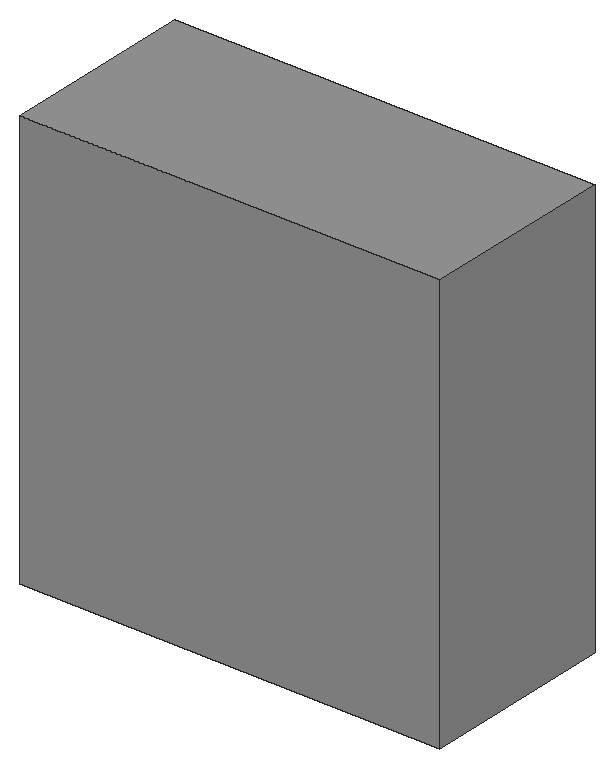
Revit family "EI_Praesenzmelder_MSR_V1700", category Elektroinstallationen, Revit 2017
Family settings
  Beschriftungsausrichtung beibehalten = Nein
  Bemaßung runder Anschluss = Durchmesser verwenden
  Teiletyp = Normal
  OmniClass-Nummer = 23.80.00.00
  OmniClass-Titel = Electric Power and Lighting
  Arbeitsebenenbasiert = Nein
  Immer vertikal = Ja
  Beim Laden mit Abzugskörper schneiden = Ja
  Gemeinsam genutzt = Nein
  Raumberechnungspunkt = Nein
Parameters (values of type "Praesenzmelder_MSR")
  pbr_Material_KZ = ""
  pbr_Material = none
  pbr_E_Typ = ""
  pbr_E_KZ = ""
  pbr_DINBild = 0
  pbr_Bild = 0
  pbr_3Dx_Delta_Korrekturversatz [instance] = 0 mm
  pbr_3DX_Versatzfaktor [instance] = 0
  pbr_2DY_Versatzfaktor [instance] = 0
  pbr_2DX_Versatzfaktor [instance] = 0
  cpiFitMatchKey [instance] = "E-BM-BMPA"
  Zentrale [instance] = ""
  Wirkleistung [instance] = 0 W
  Typ [instance] = ""
  Tiefe = 37 mm
  Text3 [instance] = ""
  Text2 [instance] = ""
  Text1 [instance] = ""
  Spannung [instance] = 0
  Scheinleistung [instance] = 0 VA
  Schaltgruppe2 [instance] = 0
  Schaltgruppe1 [instance] = 0
  Präsenzmelder = yes
  Polig [instance] = 1
  Planungsbüro Rohling = "www.pbr.de"
  Nennstrom [instance] = 0
  Menge(Dosenzahl) [instance] = 0
  Länge = Breite  # 80 mm
  Linie/Anschluss [instance] = ""
  Leistungsfaktor [instance] = 0
  Lastklassifizierung = none
  Installationsart [instance] = ""
  Info [instance] = ""
  Gleichzeitigkeitsfaktor3 [instance] = 0
  Gleichzeitigkeitsfaktor2 [instance] = 0
  Gleichzeitigkeitsfaktor1 [instance] = 0
  Gewerk [instance] = "MSR"
  Eckversatz [instance] = 0 mm
  YFrontversatz [instance] = if(pbr_2DY_Versatzfaktor = 300, 0 mm, pbr_2DY_Versatzfaktor * 300 mm)  # 0 mm
  XSeitenversatz [instance] = if(pbr_2DX_Versatzfaktor = 0, 3000 mm, 3000 mm + (pbr_2DX_Versatzfaktor * 300 mm)) + Eckversatz  # 3000 mm
  X3Dversatz [instance] = if([3DX_Versatzkontrolle] = 0, 2000 mm, 2000 mm + ([3DX_Versatzkontrolle] * (300 mm - Breite))) + pbr_3Dx_Delta_Korrekturversatz  # 2000 mm
  Niveau [instance] = 1200 mm
  Breite = 80 mm
  Anlaufstrom [instance] = 0
  3DX_Versatzkontrolle [instance] = if(pbr_3DX_Versatzfaktor = 0, (pbr_2DX_Versatzfaktor * -1), (((-1 * pbr_3DX_Versatzfaktor) + pbr_2DX_Versatzfaktor) * -1))  # 0
Reference planes
  plane 1 "Mitte (Vorne/Hinten)": y = 0
  plane 2: z = 0
  plane 3 "Mitte (Links/Rechts)": x = 22.5
  plane 4: x = -127.5
  plane 5: x = 172.5
  plane 6: y = 300
  plane 7 "Schalterhinten": y = 0
  plane 8: x = -2977.5
  plane 9: x = 22.5
  plane 10: x = -1977.5
  plane 11: x = -17.5
  plane 12: x = 62.5
  plane 13: z = 1240
  plane 14: z = 1160
  plane 15 "SchalterVorne": y = 37
  plane 16 "3DMitte": x = 22.5
  plane 17 "Achse": z = 1200
  plane 18: z = 1197.5
  plane 19: z = 1202.5
  plane 20 "2DMitte": y = 150
Forms (mm)
  Extrusion 1, solid, material "Stahl, weich, geschweißt"
    sketch origin (0, 20, 0) x (0, 0, 1) y (-1, 0, 0)
      loop
        line (1160, 17.5) -> (1160, -62.5) -> (1240, -62.5) -> (1240, 17.5) -> (1160, 17.5)
    from -17 to 20
Dimensions and locks
  locked: plane 6 to plane 7 "Schalterhinten" at 300
  "XSeitenversatz": plane 8 to plane 9
  plane 8 to plane 3 "Mitte (Links/Rechts)" = 3000 mm
  "YFrontversatz": plane 1 "Mitte (Vorne/Hinten)" to plane 7 "Schalterhinten"
  "Breite": plane 12 to plane 11
  "Länge": plane 13 to plane 14
  plane 9 to plane 10 = 2000 mm
  equal spacing: plane 12, plane 16 "3DMitte", plane 11
  "X3Dversatz": plane 16 "3DMitte" to plane 10
  equal spacing: plane 13, plane 17 "Achse", plane 14
  "Niveau": plane 17 "Achse" to level
  "Tiefe": plane 15 "SchalterVorne" to plane 1 "Mitte (Vorne/Hinten)"
  plane 13 to plane 18 = 42.5 mm
  plane 19 to plane 14 = 42.5 mm
  equal spacing: plane 4, plane 9, plane 5, locked at 150 each
  locked: plane 4 to plane 5 at 300
  equal spacing: plane 6, plane 20 "2DMitte", plane 7 "Schalterhinten", locked at 150 each
  aligned and locked: level to plane 2
  aligned and locked: Extrusion 1 sketch curve to plane 14
  aligned and locked: Extrusion 1 sketch curve to plane 11
  aligned and locked: Extrusion 1 sketch curve to plane 13
  aligned and locked: plane 12 to Extrusion 1 sketch curve
  aligned and locked: plane 1 "Mitte (Vorne/Hinten)" to Extrusion 1
  aligned and locked: Extrusion 1 to plane 15 "SchalterVorne"
  aligned and locked: nested 1 to plane 9
  aligned and locked: nested 1 to plane 20 "2DMitte"
Nested families
  nested 1: "Präsenzmelder MSR" at (22.5, 150, 0), visible <- "Präsenzmelder", type "Präsenzmelder MSR"
Connectors
  electrical at (22.5, 0, 1200)
    settings: on Extrusion 1, index 1, voltage 0 V, apparent load 0 VA, apparent load phase1 0 VA, apparent load phase2 0 VA, apparent load phase3 0 VA, power factor 1, load classification "Sonstige", number of poles 1, system type 30, power factor state 1, is connector primary yes, connector utility no, sub classification motor no, connector description ""
Definition of nested family "Präsenzmelder MSR"
  Reference planes
    plane 1 "Mitte (Vorne/Hinten)": y = 0
    plane 2: z = 0
    plane 3 "Mitte (Links/Rechts)": x = 0
  Lines and regions (mm)
    detail lines, in view "Referenzebene"
      curve 1: circle (0, 0, 0) r 81.076 normal (0, 0, 1)
      curve 2: line (0, 81.076, 0) -> (0, 141.943, 0)
      curve 3: line (0, -81.076, 0) -> (0, -141.943, 0)
      curve 4: line (81.076, 0, 0) -> (141.943, 0, 0)
      curve 5: line (-81.076, 0, 0) -> (-141.943, 0, 0)
      curve 6: line (-100.369, 100.369, 0) -> (-57.329, 57.329, 0)
      curve 7: line (57.329, -57.329, 0) -> (100.369, -100.369, 0)
      curve 8: line (100.369, 100.369, 0) -> (57.329, 57.329, 0)
      curve 9: line (-57.329, -57.329, 0) -> (-100.369, -100.369, 0)
